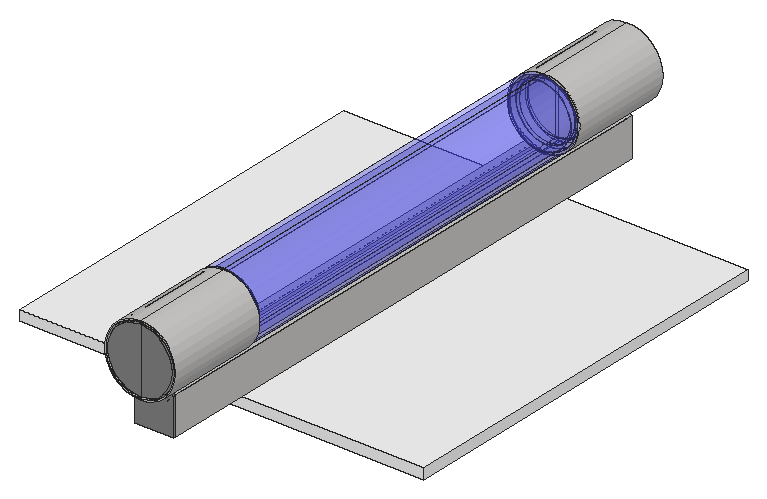
Revit family "BE_23253.2_de_DE", category Leuchten, Revit 2015
Parameters (values of type "BEGA_23253.2_K4")
  built-in parameter 1150104 = 11.613 (stored number, unit not read)
  Wattage = 13 W
  Default Elevation = 0 mm
  built-in parameter 1150113 = 1 (stored number, unit not read)
  built-in parameter 1114218 = 1 (stored number, unit not read)
  Umgebungstemperatur = "25 °C"
  URL = "http://www.bega.de/produkt/23253.2"
  Typenkommentare = "© 2017 BEGA. Wir behalten uns das Recht vor, technische Änderungen ohne vorherige Ankündigung vorzunehmen."  # constant formula
  built-in parameter 1150134 = 12
  built-in parameter 1150109 = 1 (stored number, unit not read)
  Strom = ""
  built-in parameter 1150110 = 1 (stored number, unit not read)
  Spannung = 239.996 V
  Sonderanfertigung = no
  Seriennummer [instance] = "Hier können Sie die eindeutige Seriennummer für das Facility Management eintragen."
  Schutzklasse = "I"
  Schutzart = "IP 44"
  Scheinlast = 0 VA
  Produktdatenblatt = "http://www.bega.de/download/Xrfa/db/23253.2.db.de.pdf"
  Oberflächentemperatur = ""
  Neigungswinkel = 0.00°
  Modell = "23253.2K4"
  Material_17 = BEGA_Reflektor
  Material_15 = BEGA_Leuchtmedium_matt
  Material_11 = BEGA_Glas_opal
  Material_09 = BEGA_Glas_klar
  Material_06 = BEGA_Oberfläche_Edelstahl_gebürstet
  Material_05 = BEGA_Oberfläche_Aluminium Guss
  Material_04 = BEGA_Kunststoff_Grafit_matt
  Material_03 = BEGA_Oberfläche_Weiss_matt
  Material_02 = BEGA_Oberfläche_Silber_matt
  Material_01 [instance] = BEGA_Oberfläche_Grafit_matt
  M_W = no
  M_G = no
  M_A = no
  Logo = 0
  built-in parameter 1114217 = 1 (stored number, unit not read)
  built-in parameter 1150139 = (empty or 0)
  built-in parameter 1150105 = 129.31 (stored number, unit not read)
  built-in parameter 1150114 = 1 (stored number, unit not read)
  Lumens = 1625 lm
  built-in parameter 1150115 = 1 (stored number, unit not read)
  Leuchtenlichtstrom = "1178 lm"
  Leuchtenanzahl = ""
  Lebensdauerkriterien = "L70B50 @ 25 °C = 270000 h"
  Lastklassifizierung = Beleuchtung
  built-in parameter 1150112 = 1 (stored number, unit not read)
  Lampenlichtstrom = "1625 lm"
  Lampe = "LED 13 W"
  LED_Modulbezeichnung = "LED-0424/940   LED-0425/940"
  Hersteller = "BEGA"  # constant formula
  Halbstreuwinkel = ""
  Gewicht = "1.8 kg"
  Gebrauchslageneinschränkung [instance] = ""
  Frequenz = "0/50-60 Hz"
  Farbwiedergabeindex = "Ra > 90"
  Farbtemperaturverschiebung bei Dämpfen der Lampe = <Keine Auswahl>
  Farbtemperatur = "4000 K"
  Color Filter = 16777215
  built-in parameter 1150133 = 10 (stored number, unit not read)
  Energieeffizienzklasse = "LED A++ - A"
  built-in parameter 1150137 = (empty or 0)
  built-in parameter 1150132 = (empty or 0)
  ENEC = ""
  Dimmbar [instance] = ""
  Datei für fotometrisches Netz = "BE_23253K4.IES"
  CE_Konformität = "ja"
  Bestellnummer = "23253.2K4"
  Beschreibung_Sonderanfertigung = "Hier können Sie Informationen zur Sonderanfertigung eintragen."
  Beschreibung = "Wandleuchte"
  built-in parameter 1150106 = 1.2931 (stored number, unit not read)
  Befestigungsbohrung = "Ø 6 mm"
  Befestigungsabstand = "365 mm"
  Ballwurfsicher = ""
  BEGA_Intern_aus = yes
  BEGA_Intern_an = yes
  BEGA_Intern_Konstruktion = yes
  BEGA_Intern = yes
  BEGA_IES = yes
  BEGA_Dummy = no
  Anschlussleitung = ""
  Anschlussleistung [instance] = "15.6 W"
  Anschlusskasten = ""
  built-in parameter 1150107 = 4000 (stored number, unit not read)
  built-in parameter 1150102 = (empty or 0)
  built-in parameter 1150138 = (empty or 0)
  Aktualisierung = "2017-09-29T04:10:01"
  Abstand_zur_angestrahlten_Fläche [instance] = ""
  AC/DC = "AC/DC"
Types (2, lengths in mm): name | built-in parameter 1150104 | built-in parameter 1150134 | Modell | built-in parameter 1150105 | Lumens | Leuchtenlichtstrom | Lampenlichtstrom | LED_Modulbezeichnung | Farbtemperatur | Datei für fotometrisches Netz | Bestellnummer | built-in parameter 1150106 | built-in parameter 1150107
  BEGA_23253.2_K4 | 11.613 (stored number, unit not read) | 12 | "23253.2K4" | 129.31 (stored number, unit not read) | 1625 lm | "1178 lm" | "1625 lm" | "LED-0424/940   LED-0425/940" | "4000 K" | "BE_23253K4.IES" | "23253.2K4" | 1.2931 (stored number, unit not read) | 4000 (stored number, unit not read)
  BEGA_23253.2_K3 | 10.758 (stored number, unit not read) | (empty or 0) | "23253.2" | 119.8 (stored number, unit not read) | 1505.4 lm | "1092 lm" | "1505 lm" | "LED-0424/930   LED-0425/930" | "3000 K" | "BE_23253.IES" | "23253.2" | 1.198 (stored number, unit not read) | 3000 (stored number, unit not read)
Reference planes
  plane 1 "Mitte (Vorne/Hinten)": y = 0
  plane 2: z = 0
  plane 3 "Mitte (Links/Rechts)": x = 0
  plane 4 "Links": x = -35
  plane 5 "Rechts": x = 35
  plane 6 "Unten": y = -301
  plane 7 "Oben": y = 301
  plane 8 "Vorne": z = 104.517
  plane 9 "Hinten": z = 0
Forms (mm)
  Extrusion 1, solid, material "BEGA_Platte_Weiss"
    sketch origin (0, -1119.2, 0) x (1, 0, 0) y (0, 1, 0)
      loop
        line (-200, 1319.2) -> (-200, 919.2) -> (200, 919.2) -> (200, 1319.2) -> (-200, 1319.2)
    from 0 to -10
  Extrusion 2, solid, material "BEGA_Dummy_matt", visible <- "BEGA_Dummy"
    sketch origin (80.095, -76.023, 0) x (1, 0, 0) y (0, 1, 0)
      loop
        line (-115.095, 377.023) -> (-115.095, -224.977) -> (-45.095, -224.977) -> (-45.095, 377.023) -> (-115.095, 377.023)
    from 0 to 104.517
Dimensions and locks
  plane 1 "Mitte (Vorne/Hinten)" to Extrusion 1 = 200 mm
  aligned and locked: plane 2 to Extrusion 1
  aligned and locked: level to Extrusion 1
Nested families
  nested 1: "BE_23253.2" at (0, 0, 0) x (0, 1, 0) z (0, 0, 1), type "BE_23253.2"
Connectors
  electrical at (0, 0, 0), driven by "Lastklassifizierung", driven by "Spannung", driven by "Scheinlast"
    settings: index 1, voltage 239.996 V, apparent load 0 VA, apparent load phase1 0 VA, apparent load phase2 0 VA, apparent load phase3 0 VA, power factor 1, load classification "Beleuchtung", number of poles 1, system type 31, power factor state 1, is connector primary yes, connector utility no, sub classification motor no, connector description ""
Definition of nested family "BE_23253.2"
  Parameters (values of type "BE_23253.2")
    Default Elevation = 1 mm
    URL = "http://www.bega.de/de/produkt"
    Type Comments = "© 2015 BEGA. Wir behalten uns das Recht vor, technische Änderungen ohne vorherige Ankündigung vorzunehmen. "  # constant formula
    Type Image = (empty or 0)
    Neigungswinkel_um_Z2 = 0.00°
    Neigungswinkel_um_Z1 = 0.00°
    Neigungswinkel_um_Y2 = 0.00°
    Neigungswinkel_um_Y1 = 0.00°
    Neigungswinkel_um_X2 = 0.00°
    Neigungswinkel_um_X1 = 0.00°
    Material_17 = none
    Material_15 = none
    Material_11 = none
    Material_09 = none
    Material_06 = none
    Material_05 = none
    Material_04 = none
    Material_03 = none
    Material_02 = none
    Material_01 = none
    M_W = yes
    M_G = yes
    M_A = yes
    Länge_Platte = 700 mm  # constant formula
    Höhe_Platte = -10 mm  # constant formula
    Manufacturer = "BEGA"  # constant formula
    Drehwinkel_um_Z2 = 0.00°
    Drehwinkel_um_Z1 = 0.00°
    Breite_Platte = 200 mm  # constant formula
  Reference planes
    plane 1 "Mitte (Oben/Unten)": y = 0
    plane 2: z = 0
    plane 3 "Mitte (Links/Rechts)": x = 0
    plane 4: y = 35
    plane 5: y = -35
    plane 6: z = 104.517
    plane 7: x = -301
    plane 8: x = 301
    plane 9: z = 104.517
  Forms (mm)
    Extrusion 1, solid, detail levels medium
      sketch origin (0, 0, 0) x (1, 0, 0) y (0, 1, 0)
        loop
          line (-350, 100) -> (-350, -100) -> (350, -100) -> (350, 100) -> (-350, 100)
      from 0 to -10 <- "Höhe_Platte"
    Extrusion 2, solid, material <- "Material_06", detail levels medium+fine
      sketch origin (0, 0, 0) x (0, 1, 0) y (0, 0, 1)
        loop
          line (-20, 37.5) -> (-20, 0) -> (-15.75, 0) -> (-15.75, 6.5) -> (-16.8, 6.5)
          arc (-16.8, 6.5) -> (-17.507, 6.793) -> (-17.8, 7.5) r 1
          line (-17.8, 7.5) -> (-17.8, 32.29)
          arc (-17.8, 32.29) -> (-16.811, 33.7) -> (-15.148, 33.251) r 1.5
          line (-15.148, 33.251) -> (-11.917, 29.4) -> (11.917, 29.4) -> (15.148, 33.251)
          arc (15.148, 33.251) -> (16.811, 33.7) -> (17.8, 32.29) r 1.5
          line (17.8, 32.29) -> (17.8, 7.5)
          arc (17.8, 7.5) -> (17.507, 6.793) -> (16.8, 6.5) r 1
          line (16.8, 6.5) -> (15.75, 6.5) -> (15.75, 0) -> (20, 0) -> (20, 37.5) -> (18, 39.5)
          arc (18, 39.5) -> (15.101, 37.578) -> (12, 36.005) r 30
          line (12, 36.005) -> (12, 33.9)
          arc (12, 33.9) -> (11.561, 32.839) -> (10.5, 32.4) r 1.5
          line (10.5, 32.4) -> (-10.5, 32.4)
          arc (-10.5, 32.4) -> (-11.561, 32.839) -> (-12, 33.9) r 1.5
          line (-12, 33.9) -> (-12, 36.005)
          arc (-12, 36.005) -> (-15.101, 37.578) -> (-18, 39.5) r 30
          line (-18, 39.5) -> (-20, 37.5)
      from -281.945 to 281
    Extrusion 3, solid, material <- "Material_06", detail levels medium+fine
      sketch origin (0, 0, 0) x (1, 0, 0) y (0, 0, 1)
        loop
          line (173, 4.3) -> (173, 1) -> (192.993, 1) -> (192.993, 4.3) -> (173, 4.3)
        loop
          line (-191.993, 4.3) -> (-191.993, 1) -> (-172, 1) -> (-172, 4.3) -> (-191.993, 4.3)
      from -17.577 to 17.577
    Extrusion 4, solid, material <- "Material_04", detail levels medium+fine
      sketch origin (0, 0, 0) x (0, 1, 0) y (0, 0, 1)
        loop
          line (-18.99, 0.01) -> (18.99, 0.01) -> (19, 36.578) -> (17.542, 38.036)
          arc (17.542, 38.036) -> (0, 32.49) -> (-17.542, 38.036) r 30.51
          line (-17.542, 38.036) -> (-18.99, 36.588) -> (-18.99, 0.01)
      from 281 to 282.5
    Extrusion 5, solid, material <- "Material_04", detail levels medium+fine
      sketch origin (0, 0, 0) x (0, 1, 0) y (0, 0, -1)
        loop
          line (-18.99, -0.01) -> (-18.99, -36.588) -> (-17.542, -38.036)
          arc (-17.542, -38.036) -> (0, -32.49) -> (17.542, -38.036) r 30.51
          line (17.542, -38.036) -> (19, -36.578) -> (18.99, -0.01) -> (-18.99, -0.01)
      from 281.945 to 283.5
    Extrusion 6, void
      sketch origin (0, 0, 0) x (1, 0, 0) y (0, 1, 0)
        loop
          arc (180, 3) -> (177, 0) -> (180, -3) r 3
          line (180, -3) -> (186, -3)
          arc (186, -3) -> (188.116, -2.127) -> (189, -0.016) r 3
          arc (189, -0.016) -> (188.116, 2.127) -> (186, 3) r 3
          line (186, 3) -> (180, 3)
        loop
          arc (-179, 3) -> (-182, 6) -> (-185, 3) r 3
          line (-185, 3) -> (-185, -3)
          arc (-185, -3) -> (-184.128, -5.114) -> (-181.985, -6) r 3
          arc (-181.985, -6) -> (-179.873, -5.116) -> (-179, -3) r 3
          line (-179, -3) -> (-179, 3)
      from 0 to 6.5
    Revolve 7, void
      sketch origin (-251, 0, 0) x (0, 1, 0) y (0, 0, 1)
        loop
          line (-6, 32.4) -> (-6, 29.4) -> (0, 29.4) -> (0, 32.4) -> (-6, 32.4)
        axis (0, 32.4) -> (0, 29.4)
      angle from 0 to 360
    Revolve 8, solid, material <- "Material_06", detail levels medium+fine
      sketch origin (0, 0, 0) x (1, 0, 0) y (0, 0, 1)
        loop
          line (-301, 103.267) -> (-298.43, 103.267) -> (-297.66, 102.822) -> (-286, 102.517) -> (-198, 102.517) -> (-198, 104.517) -> (-301, 104.517) -> (-301, 103.267)
        loop
          line (301, 103.267) -> (301, 104.517) -> (198, 104.517) -> (198, 102.517) -> (286, 102.517) -> (297.66, 102.822) -> (298.43, 103.267) -> (301, 103.267)
        axis (-301, 69.517) -> (301, 69.517)
      angle from 0 to 360
    Revolve 9, solid, material <- "Material_04", detail levels medium+fine
      sketch origin (0, 0, 0) x (1, 0, 0) y (0, 0, 1)
        loop
          line (-301, 101.517) -> (-301, 69.517) -> (-295, 69.517) -> (-295, 100.067) -> (-286, 100.381) -> (-286, 103.017) -> (-298, 103.017) -> (-298, 101.517) -> (-301, 101.517)
        loop
          line (301, 101.517) -> (298, 101.517) -> (298, 103.017) -> (286, 103.017) -> (286, 100.381) -> (295, 100.067) -> (295, 69.517) -> (301, 69.517) -> (301, 101.517)
        axis (-301, 69.517) -> (301, 69.517)
      angle from 0 to 360
    Revolve 10, solid, material <- "Material_11", detail levels medium+fine
      sketch origin (0, 0, 0) x (1, 0, 0) y (0, 0, 1)
        loop
          line (-203.5, 98.517) -> (-199.415, 98.517)
          arc (-199.415, 98.517) -> (-195.122, 97.721) -> (-191.993, 100.767) r 4.75
          line (-191.993, 100.767) -> (192.993, 100.767)
          arc (192.993, 100.767) -> (196.122, 97.721) -> (200.415, 98.517) r 4.75
          line (200.415, 98.517) -> (204.336, 98.517) -> (212.75, 97.781) -> (212.75, 69.517) -> (216.5, 69.517) -> (216.5, 99.388)
          arc (216.5, 99.388) -> (215.976, 100.734) -> (214.684, 101.376) r 2
          line (214.684, 101.376) -> (204.5, 102.267) -> (196.5, 102.36) -> (196.5, 104.517) -> (-196.5, 104.517) -> (-196.5, 102.267) -> (-203.5, 102.267) -> (-203.5, 98.517)
        axis (-203.5, 69.517) -> (216.5, 69.517)
      angle from 0 to 360
    Revolve 11, void
      sketch origin (0, 0, 0) x (1, 0, 0) y (0, 0, 1)
        loop
          line (298.3, 79.117) -> (298.3, 69.517) -> (301.213, 69.517) -> (301.213, 79.295) -> (298.3, 79.117)
        axis (298.3, 69.517) -> (301.213, 69.517)
      angle from 0 to 360
    Revolve 12, solid, material <- "Material_06", detail levels fine
      sketch origin (0, 0, 0) x (1, 0, 0) y (0, 0, 1)
        loop
          line (298.3, 79.017) -> (298.3, 69.517) -> (300.8, 69.517) -> (300.8, 79.017) -> (298.3, 79.017)
        axis (298.3, 69.517) -> (300.8, 69.517)
      angle from 0 to 360
  Cuts and joins
    joined: Extrusion 4, Extrusion 5
    Revolve 7 cuts Extrusion 2
    Extrusion 6 cuts Extrusion 3
    joined: Extrusion 2, Extrusion 3
    Revolve 11 cuts Revolve 9
  Dimensions and locks
    equal spacing: Extrusion 1 sketch curve, plane 3 "Mitte (Links/Rechts)", Extrusion 1 sketch curve
    equal spacing: Extrusion 1 sketch curve, plane 1 "Mitte (Oben/Unten)", Extrusion 1 sketch curve
    "Länge_Platte": Extrusion 1 sketch curve to Extrusion 1 sketch curve
    "Breite_Platte": Extrusion 1 sketch curve to Extrusion 1 sketch curve
    aligned and locked: Extrusion 1 to plane 2
    aligned and locked: level to Extrusion 1
  Automatic sketch dimensions
    Extrusion 2 sketch curve to Extrusion 2 sketch curve = 0 mm  (x2)
    Extrusion 2 sketch curve to level = 0 mm  (x2)
    Extrusion 2 sketch curve to plane 1 "Mitte (Oben/Unten)" = 0 mm
    plane 1 "Mitte (Oben/Unten)" to Extrusion 2 sketch curve = 10.5 mm
    Extrusion 2 sketch curve to Extrusion 2 sketch curve = 1.417 mm  (x2)
    Extrusion 2 sketch curve to Extrusion 2 sketch curve = 1.5 mm  (x3)
    Extrusion 2 sketch curve to Extrusion 2 sketch curve = 3.148 mm  (x2)
    plane 1 "Mitte (Oben/Unten)" to Extrusion 2 sketch curve = 15.75 mm
    Extrusion 2 sketch curve to Extrusion 2 sketch curve = 1.152 mm  (x2)
    Extrusion 2 sketch curve to Extrusion 2 sketch curve = 1.05 mm  (x2)
    Extrusion 2 sketch curve to Extrusion 2 sketch curve = 1 mm
    Extrusion 2 sketch curve to Extrusion 2 sketch curve = 2.852 mm  (x2)
    Extrusion 2 sketch curve to Extrusion 2 sketch curve = 2 mm  (x2)
    Extrusion 2 sketch curve to plane 1 "Mitte (Oben/Unten)" = 10.5 mm
    level to Extrusion 2 sketch curve = 6.5 mm  (x2)
    Extrusion 2 sketch curve to plane 1 "Mitte (Oben/Unten)" = 15.75 mm
    Extrusion 2 sketch curve to Extrusion 2 sketch curve = 4.25 mm
    Extrusion 2 sketch curve to Extrusion 2 sketch curve = 21.9 mm
    Extrusion 2 sketch curve to Extrusion 2 sketch curve = 2.89 mm  (x2)
    Extrusion 2 sketch curve to Extrusion 2 sketch curve = 3 mm
    Extrusion 2 sketch curve to Extrusion 2 sketch curve = 2.105 mm  (x2)
    Extrusion 2 sketch curve to Extrusion 2 sketch curve = 5.21 mm  (x2)
    level to Extrusion 3 sketch curve = 1 mm  (x2)
    Extrusion 3 sketch curve to Extrusion 3 sketch curve = 19.993 mm  (x2)
    level to Extrusion 3 sketch curve = 4.3 mm
    Extrusion 3 sketch curve to Extrusion 3 sketch curve = 3.3 mm
    Extrusion 4 sketch curve to plane 1 "Mitte (Oben/Unten)" = 0 mm
    Extrusion 4 sketch curve to plane 5 = 17.458 mm
    level to Extrusion 4 sketch curve = 0.01 mm
    Extrusion 4 sketch curve to plane 5 = 16.01 mm
    Extrusion 4 sketch curve to plane 4 = 17.458 mm
    Extrusion 4 sketch curve to plane 4 = 16.01 mm
    Extrusion 4 sketch curve to Extrusion 4 sketch curve = 1.458 mm  (x2)
    Extrusion 4 sketch curve to Extrusion 4 sketch curve = 36.567 mm
    Extrusion 4 sketch curve to Extrusion 4 sketch curve = 36.578 mm
    Extrusion 5 sketch curve to plane 1 "Mitte (Oben/Unten)" = 0 mm
    Extrusion 5 sketch curve to plane 5 = 17.458 mm
    level to Extrusion 5 sketch curve = 0.01 mm
    Extrusion 5 sketch curve to plane 5 = 16.01 mm
    Extrusion 5 sketch curve to plane 4 = 17.458 mm
    Extrusion 5 sketch curve to plane 4 = 16.01 mm
    Extrusion 5 sketch curve to Extrusion 5 sketch curve = 1.458 mm
    Extrusion 5 sketch curve to Extrusion 5 sketch curve = 36.567 mm
    Extrusion 5 sketch curve to Extrusion 5 sketch curve = 36.578 mm
    Extrusion 5 sketch curve to Extrusion 5 sketch curve = 1.448 mm
    Extrusion 6 sketch curve to Extrusion 6 sketch curve = 0 mm  (x5)
    plane 1 "Mitte (Oben/Unten)" to Extrusion 6 sketch curve = 0 mm  (x2)
    Extrusion 6 sketch curve to plane 1 "Mitte (Oben/Unten)" = 3 mm
    Extrusion 6 sketch curve to Extrusion 6 sketch curve = 3 mm  (x2)
    plane 1 "Mitte (Oben/Unten)" to Extrusion 6 sketch curve = 3 mm  (x2)
    Extrusion 6 sketch curve to Extrusion 6 sketch curve = 6 mm
    Extrusion 6 sketch curve to Extrusion 6 sketch curve = 0.02 mm
    Extrusion 6 sketch curve to Extrusion 6 sketch curve = 0.035 mm
    Extrusion 6 sketch curve to plane 1 "Mitte (Oben/Unten)" = 0.016 mm
    plane 1 "Mitte (Oben/Unten)" to Extrusion 6 sketch curve = 0.016 mm
    Revolve 7 sketch curve to plane 1 "Mitte (Oben/Unten)" = 0 mm  (x2)
    Revolve 7 sketch curve to Revolve 7 sketch curve = 6 mm
    level to Revolve 7 sketch curve = 29.4 mm
    Revolve 7 sketch curve to Revolve 7 sketch curve = 3 mm
    Revolve 7 sketch curve to Revolve 7 sketch curve = 4.732 mm
    Revolve 7 sketch curve to Revolve 7 sketch curve = 0 mm
    Extrusion 4 sketch curve to Extrusion 4 sketch curve = 24.964 mm
    Extrusion 5 sketch curve to Extrusion 5 sketch curve = 24.964 mm
    Revolve 8 sketch curve to Revolve 8 sketch curve = 2.57 mm
    Revolve 8 sketch curve to Revolve 8 sketch curve = 0.77 mm  (x2)
    Revolve 8 sketch curve to Revolve 8 sketch curve = 11.66 mm
    Revolve 8 sketch curve to Revolve 8 sketch curve = 88 mm
    level to Revolve 8 sketch curve = 102.517 mm  (x2)
    Revolve 8 sketch curve to Revolve 8 sketch curve = 0.305 mm  (x2)
    Revolve 8 sketch curve to Revolve 8 sketch curve = 0.445 mm  (x2)
    Revolve 8 sketch curve to Revolve 8 sketch curve = 2 mm  (x2)
    Revolve 8 sketch curve to Revolve 8 sketch curve = 27.869 mm
    Revolve 8 sketch curve to Revolve 8 sketch curve = 33 mm
    Revolve 9 sketch curve to Revolve 9 sketch curve = 3 mm
    Revolve 9 sketch curve to Revolve 9 sketch curve = 6 mm  (x2)
    Revolve 9 sketch curve to Revolve 9 sketch curve = 9 mm  (x2)
    level to Revolve 9 sketch curve = 69.517 mm  (x2)
    Revolve 9 sketch curve to Revolve 9 sketch curve = 30.55 mm  (x2)
    Revolve 9 sketch curve to Revolve 9 sketch curve = 0.314 mm  (x2)
    Revolve 9 sketch curve to Revolve 9 sketch curve = 1.45 mm  (x2)
    Revolve 9 sketch curve to Revolve 9 sketch curve = 1.5 mm  (x2)
    Revolve 9 sketch curve to Revolve 9 sketch curve = 4 mm
    Revolve 9 sketch curve to Revolve 9 sketch curve = 0 mm
    level to Revolve 12 sketch curve = 69.517 mm
    Revolve 12 sketch curve to Revolve 12 sketch curve = 9.5 mm
    Revolve 12 sketch curve to Revolve 12 sketch curve = 0 mm  (x2)
    Revolve 10 sketch curve to plane 6 = 0 mm
    plane 6 to Revolve 10 sketch curve = 2.25 mm  (x2)
    Revolve 10 sketch curve to Revolve 10 sketch curve = 4.085 mm
    Revolve 10 sketch curve to Revolve 10 sketch curve = 2.915 mm  (x2)
    Revolve 10 sketch curve to Revolve 10 sketch curve = 0 mm
    Revolve 10 sketch curve to Revolve 10 sketch curve = 4.507 mm
    plane 6 to Revolve 10 sketch curve = 3.75 mm
    plane 6 to Revolve 10 sketch curve = 2.157 mm
    Revolve 10 sketch curve to Revolve 10 sketch curve = 3.507 mm
    Revolve 10 sketch curve to Revolve 10 sketch curve = 1 mm
    Revolve 10 sketch curve to Revolve 10 sketch curve = 3.921 mm
    Revolve 10 sketch curve to Revolve 10 sketch curve = 0.164 mm
    Revolve 10 sketch curve to Revolve 10 sketch curve = 8.414 mm
    Revolve 10 sketch curve to Revolve 10 sketch curve = 1.75 mm
    plane 6 to Revolve 10 sketch curve = 3.141 mm
    Revolve 10 sketch curve to Revolve 10 sketch curve = 0.184 mm
    Revolve 10 sketch curve to Revolve 10 sketch curve = 3.75 mm  (x3)
    Revolve 10 sketch curve to Revolve 10 sketch curve = 1.988 mm
    Revolve 10 sketch curve to Revolve 10 sketch curve = 1.604 mm
    Revolve 10 sketch curve to Revolve 10 sketch curve = 28.264 mm
    Revolve 10 sketch curve to plane 3 "Mitte (Links/Rechts)" = 46.5 mm
    plane 3 "Mitte (Links/Rechts)" to Revolve 10 sketch curve = 23.5 mm
    plane 6 to Revolve 10 sketch curve = 35 mm
    Revolve 11 sketch curve to Revolve 11 sketch curve = 2.913 mm
    plane 6 to Revolve 11 sketch curve = 35 mm
    Revolve 11 sketch curve to Revolve 11 sketch curve = 9.6 mm
    Revolve 11 sketch curve to Revolve 11 sketch curve = 0.178 mm
    Revolve 11 sketch curve to Revolve 11 sketch curve = 0 mm  (x2)
    Revolve 11 sketch curve to Revolve 11 sketch curve = 0.462 mm
    plane 7 to Extrusion 3 sketch curve = 129 mm
    plane 7 to Extrusion 6 sketch curve = 122 mm
    Revolve 8 sketch curve to plane 7 = 0 mm
    Revolve 8 sketch curve to Revolve 8 sketch curve = 43.754 mm
    Revolve 9 sketch curve to plane 7 = 0 mm  (x2)
    plane 7 to Revolve 10 sketch curve = 109.007 mm
    plane 8 to Extrusion 3 sketch curve = 128 mm
    plane 8 to Extrusion 6 sketch curve = 121 mm
    Revolve 8 sketch curve to plane 8 = 0 mm
    plane 8 to Revolve 8 sketch curve = 103 mm
    plane 8 to Revolve 8 sketch curve = 15 mm
    plane 8 to Revolve 8 sketch curve = 3.34 mm
    plane 8 to Revolve 9 sketch curve = 0 mm
    plane 8 to Revolve 9 sketch curve = 3 mm
    plane 8 to Revolve 10 sketch curve = 108.007 mm
    plane 8 to Revolve 11 sketch curve = 2.7 mm
    plane 8 to Revolve 12 sketch curve = 2.7 mm
    plane 8 to Revolve 12 sketch curve = 0.2 mm
    Revolve 12 sketch curve to plane 8 = 0.342 mm
